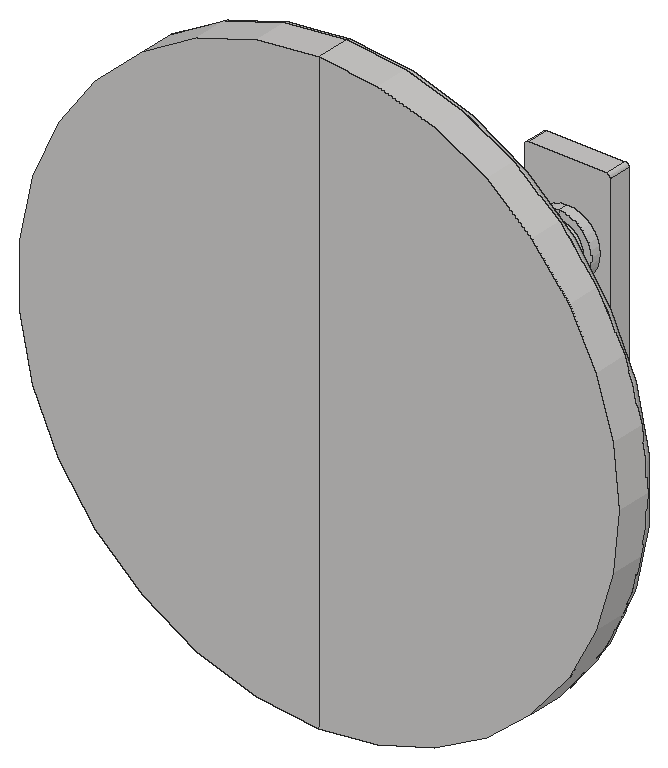
Revit family "CPT- 27000", category Plumbing Fixtures, host Wall, Revit 2023
Family settings
  Host = Wall
  Round Connector Dimension = Use Diameter
  Part Type = Normal
  OmniClass Number = 23.45.00.00
  OmniClass Title = Sanitary, Laundry, and Cleaning Equipment
  Enable Cutting in Views = No
  Always vertical = Yes
  Cut with Voids When Loaded = No
  Maintain Annotation Orientation = No
  Shared = No
  Room Calculation Point = No
Parameters
  Default Elevation = 0' - 0"
Reference planes (in)
  plane 1: y = 0
  plane 2 "Center (Left/Right)": x = -0.47711
  plane 3 "Back": y = 3
  plane 4: z = 36
  plane 5: y = 5.75
  plane 6: y = 4.25
  plane 7: z = 39.36816
  plane 8: z = 37.36816
  plane 9: x = 0.02289
  plane 10: x = -0.97711
  plane 11: z = 32.5
  plane 12: z = 39.5
  plane 13: y = 3.5
  plane 14: z = 36.91081
  plane 15: z = 33.66081
  plane 16: y = 6.875
  plane 17: z = 36.93231
  plane 18: z = 35.06115
  plane 19: y = 3.52006
Forms (in)
  Revolve 1, solid, material "Metal"
    sketch origin (-0.47711, 0, -0.05171) x (0, 1, 0) y (0, 0, 1)
      loop
        line (3, 39.55171) -> (3, 36.05171) -> (5.78419, 36.05171) -> (5.78419, 36.29779) -> (5.78419, 36.92331)
        arc (5.78419, 36.92331) -> (5.76909, 36.95975) -> (5.73265, 36.97484) r 0.05153
        line (5.73265, 36.97484) -> (5.08367, 36.97484)
        arc (5.08367, 36.97484) -> (5.05225, 36.936) -> (5.02083, 36.97484) r 0.03213
        line (5.02083, 36.97484) -> (3.5, 36.97484) -> (3.5, 38.37606) -> (3.5, 39.45727)
        arc (3.5, 39.45727) -> (3.47234, 39.52405) -> (3.40556, 39.55171) r 0.09444
        line (3.40556, 39.55171) -> (3, 39.55171)
      axis (3, 36.05171) -> (5.78419, 36.05171)
    angle from 0 to 360
  Revolve 2, solid, material "Metal"
    sketch origin (-0.47711, 0, 0) x (0, 1, 0) y (0, 0, 1)
      loop
        line (5.78622, 36) -> (6.60935, 36) -> (6.60935, 36.37768) -> (6.48516, 36.37768) -> (6.48516, 36.28237) -> (5.78622, 36.28237) -> (5.78622, 36)
      axis (5.78622, 36) -> (6.60935, 36)
    angle from 0 to 360
  Extrusion 3, solid, material "Metal"
    sketch origin (-60, 3, 0) x (-1, 0, 0) y (0, 0, 1)
      loop
        arc (-59.97703, 36.8693) -> (-60.00946, 36.85586) -> (-60.02289, 36.82343) r 0.04586
        line (-60.02289, 36.82343) -> (-60.02289, 33.70667)
        arc (-60.02289, 33.70667) -> (-60.00946, 33.67424) -> (-59.97703, 33.66081) r 0.04586
        line (-59.97703, 33.66081) -> (-59.06875, 33.66081)
        arc (-59.06875, 33.66081) -> (-59.03632, 33.67424) -> (-59.02289, 33.70667) r 0.04586
        line (-59.02289, 33.70667) -> (-59.02289, 36.82343)
        arc (-59.02289, 36.82343) -> (-59.03632, 36.85586) -> (-59.06875, 36.8693) r 0.04586
        line (-59.06875, 36.8693) -> (-59.97703, 36.8693)
    from 3.60935 to 3.875
  Extrusion 4, solid, material "Blue color"
    sketch origin (-60, 3, 0) x (-1, 0, 0) y (0, 0, 1)
      loop
        circle (-61.52644, 37.67237) r 0.09977
    from 0.5 to 0.52006
  Extrusion 5, solid, material "Red color"
    sketch origin (-59.98572, 3, -3.34451) x (-1, 0, 0) y (0, 0, 1)
      loop
        circle (-61.52644, 37.67237) r 0.09977
    from 0.5 to 0.52006
Text (in)
  text "Placement Side" at (0, 40.15149, 123.01588), in view "Right"
  text "Placement Side" at (-70.3804, 45.82615, 0), in view "Ref. Level"
  text "Placement Side" at (0, 47.49176, 113.10569), in view "Left"
Dimensions and locks (in)
  locked: plane 3 "Back" to host wall
  locked: plane 5 to plane 3 "Back" at 2.75
  locked: plane 6 to plane 3 "Back" at 1.25
  plane 8 to plane 7 = 0' - 2"
  plane 11 to plane 4 = 0' - 3 1/2"
  plane 11 to plane 12 = 0' - 7"
  plane 15 to plane 14 = 0' - 3 1/4"
  plane 16 to plane 3 "Back" = 0' - 3 7/8"
  plane 17 to plane 18 = 0' - 1.87116"
  locked: plane 19 to plane 13 at 0.02006
  locked: plane 19 to plane 3 "Back" at 0.52006
  aligned and locked: Revolve 1 to Extrusion 4
  aligned and locked: plane 3 "Back" to Revolve 1
  aligned and locked: plane 16 to Extrusion 3
  aligned and locked: Extrusion 3 to Revolve 2
  aligned and locked: Revolve 2 to Revolve 2
  aligned and locked: plane 13 to Revolve 1
  aligned and locked: plane 13 to Extrusion 5
  aligned and locked: plane 13 to Extrusion 4
  aligned and locked: Extrusion 5 to plane 13  (x3)
  aligned and locked: Extrusion 5 to plane 19
  aligned and locked: Extrusion 4 to plane 19
  aligned and locked: Extrusion 4 to plane 13
Automatic sketch dimensions
  Revolve 2 sketch curve to plane 4 = 0' - 0"  (x2)
  plane 5 to Revolve 2 sketch curve = 0' - 0.03622"
  plane 4 to Revolve 2 sketch curve = 0' - 0.28237"
  Revolve 2 sketch curve to Revolve 2 sketch curve = 0' - 0.69894"
  Revolve 2 sketch curve to Revolve 2 sketch curve = 0' - 0.12419"
  Revolve 2 sketch curve to Revolve 2 sketch curve = 0' - 0.09531"
  Revolve 2 sketch curve to Revolve 2 sketch curve = 0' - 0"  (x2)
  plane 9 to Extrusion 3 sketch curve = 0' - 0"
  plane 10 to Extrusion 3 sketch curve = 0' - 0"
  plane 9 to Extrusion 3 sketch curve = 0' - 0.04586"  (x2)
  plane 10 to Extrusion 3 sketch curve = 0' - 0.04586"  (x2)
  Extrusion 3 sketch curve to plane 4 = 0' - 2.33919"
  plane 8 to Extrusion 3 sketch curve = 0' - 0.54473"
  Extrusion 4 sketch curve to plane 8 = 0' - 0.30421"
  Extrusion 4 sketch curve to plane 9 = 0' - 1.50355"
  Extrusion 5 sketch curve to plane 9 = 0' - 1.51783"
  Extrusion 5 sketch curve to plane 4 = 0' - 1.67214"
  Revolve 1 sketch curve to host wall = 0' - 0"  (x2)
  plane 12 to Revolve 1 sketch curve = 0' - 0"
  Revolve 1 sketch curve to plane 4 = 0' - 0"  (x2)
  Revolve 1 sketch curve to plane 7 = 0' - 0.0374"
  host wall to Revolve 1 sketch curve = 0' - 0.40556"
  Revolve 1 sketch curve to plane 5 = 0' - 0.72917"
  Revolve 1 sketch curve to Revolve 1 sketch curve = 0' - 0.03142"  (x2)
  Revolve 1 sketch curve to plane 5 = 0' - 0.01735"
  plane 5 to Revolve 1 sketch curve = 0' - 0.03419"
  plane 4 to Revolve 1 sketch curve = 0' - 0 63/256"
  plane 8 to Revolve 1 sketch curve = 0' - 0.49656"
  Revolve 1 sketch curve to Revolve 1 sketch curve = 0' - 0.00671"
  Revolve 1 sketch curve to plane 8 = 0' - 0.95619"
  Revolve 1 sketch curve to Revolve 1 sketch curve = 0' - 0.02614"
  radius of Extrusion 4 sketch curve = 0' - 0.09977"
  radius of Extrusion 5 sketch curve = 0' - 0.09977"
